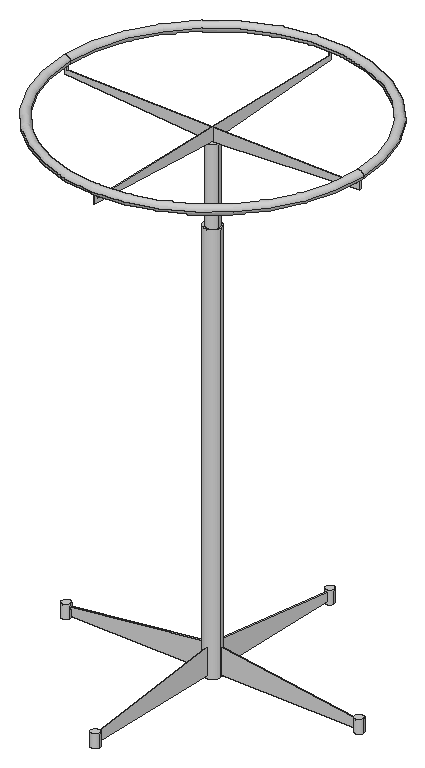
Revit family "RR", category Specialty Equipment, Revit 2012
Parameters (values of type "Revolving Round Rack (Default)")
  URL = "http://madixinc.com/display/freestanding.html"
  Model = "Revolving Round Rack"
  Manufacturer = "© 2012 Madix, Inc. All rights reserved."
Reference planes (in)
  plane 1 "Center (Front/Back)": y = 0
  plane 2: z = 0
  plane 3 "Center (Left/Right)": x = 0
  plane 4: x = -18
  plane 5: x = 18
  plane 6: y = 18
  plane 7: y = -18
  plane 8: z = 3
  plane 9: z = 57
  plane 10: x = -16
  plane 11: x = 16
  plane 12: z = 1.5
  plane 13: x = -1
  plane 14: x = 1
  plane 15: x = -0.75
  plane 16: x = 0.75
  plane 17: y = 0.0625
  plane 18: y = -0.0625
  plane 19: z = 59
  plane 20: z = 60
Forms (in)
  Extrusion 1, solid, material "Metal - Steel"
    sketch origin (0, 0, 0) x (1, 0, 0) y (0, 1, 0)
      loop
        circle (0, 0) r 1
    from 0 to 48
  Extrusion 2, solid, material "Metal - Steel"
    sketch origin (0, 0, 0) x (1, 0, 0) y (0, 1, 0)
      loop
        circle (0, 0) r 0.75
    from 48 to 57
  Extrusion 3, solid, material "Metal - Steel"
    sketch origin (0, 0, 0.25) x (1, 0, 0) y (0, 0, 1)
      loop
        line (-17, 0) -> (-1, 0) -> (-1, 3) -> (-17, 1) -> (-17, 0)
      loop
        line (17, 0) -> (17, 1) -> (1, 3) -> (1, 0) -> (17, 0)
    from -0.0625 to 0.0625
  Extrusion 4, solid, material "Metal - Steel"
    sketch origin (0, 0, 0.25) x (0, -1, 0) y (0, 0, 1)
      loop
        line (-17, 0) -> (-1, 0) -> (-1, 3) -> (-17, 1) -> (-17, 0)
      loop
        line (17, 0) -> (17, 1) -> (1, 3) -> (1, 0) -> (17, 0)
    from -0.0625 to 0.0625
  Extrusion 5, solid, material "Metal - Steel"
    sketch origin (0, 0, 0) x (1, 0, 0) y (0, 1, 0)
      loop
        circle (-17.5, 0) r 0.5
      loop
        circle (17.5, 0) r 0.5
      loop
        circle (0, 17.5) r 0.5
      loop
        circle (0, -17.5) r 0.5
    from 0 to 1.5
  Extrusion 6, solid, material "Metal - Steel"
    sketch origin (0, 0, 0) x (1, 0, 0) y (0, 0, 1)
      loop
        line (-17.625, 59) -> (-17.625, 58) -> (-0.75, 57) -> (0, 57) -> (0.75, 57) -> (17.625, 58) -> (17.625, 59) -> (17.375, 59) -> (17.375, 58.5) -> (0, 58.5) -> (-17.375, 58.5) -> (-17.375, 59) -> (-17.625, 59)
    from -0.0625 to 0.0625
  Extrusion 7, solid, material "Metal - Steel"
    sketch origin (0, 0, 0) x (0, -1, 0) y (0, 0, 1)
      loop
        line (-17.625, 59) -> (-17.625, 58) -> (-0.75, 57) -> (0, 57) -> (0.75, 57) -> (17.625, 58) -> (17.625, 59) -> (17.375, 59) -> (17.375, 58.5) -> (0, 58.5) -> (-17.375, 58.5) -> (-17.375, 59) -> (-17.625, 59)
    from -0.0625 to 0.0625
  Sweep 8, solid, material "Metal - Steel"
    path origin (0, 0, 0) x (1, 0, 0) y (0, 1, 0)
      loop
        circle (0, 0) r 17.5
    profile origin (0, 17.5, 0) x (0, -1, 0) y (0, 0, 1)
      loop
        circle (0, 59.5) r 0.5
Dimensions and locks (in)
  aligned and locked: level to plane 2
  aligned and locked: plane 19 to Extrusion 6
